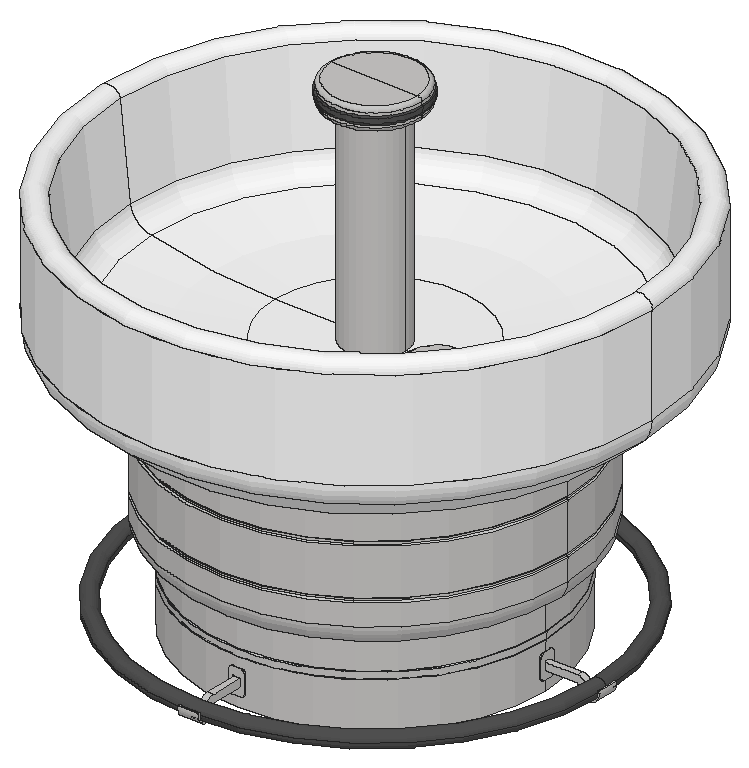
Revit family "Washfountain_Lavatory-Bradley_Corp-WF2605-Type_A_Drain", category Plumbing Fixtures, Revit 2012 (continued)
Automatic sketch dimensions
  curve 166 to curve 169 = 0.875"  (x2)
  curve 165 to curve 164 = 0.11186"
  curve 167 to curve 165 = 1.750"
  plane 1 "Center (Front/Back)" to curve 166 = 6.38814"
  curve 164 to curve 166 = 0.000"
  Masking region 29 sketch curve to plane 1 "Center (Front/Back)" = 0.000"
  Masking region 29 sketch curve to plane 3 "Center (Left/Right)" = 0.000"
  curve 170 to plane 1 "Center (Front/Back)" = 0.000"
  curve 170 to plane 3 "Center (Left/Right)" = 0.000"
  Masking region 30 sketch curve to plane 1 "Center (Front/Back)" = 0.000"
  Masking region 30 sketch curve to plane 3 "Center (Left/Right)" = 0.000"
  Masking region 31 sketch curve to plane 1 "Center (Front/Back)" = 0.000"
  Masking region 31 sketch curve to plane 3 "Center (Left/Right)" = 0.000"
  Masking region 32 sketch curve to curve 14 = 0.000"
  curve 14 to Masking region 32 sketch curve = 6.47131"
  Masking region 32 sketch curve to Masking region 32 sketch curve = 1.40286"  (x2)
  Masking region 32 sketch curve to Masking region 32 sketch curve = 22.25166"
  Masking region 32 sketch curve to curve 14 = 9.60015"
  curve 14 to Masking region 32 sketch curve = 9.60015"
  Masking region 32 sketch curve to Masking region 32 sketch curve = 5.39985"
  Revolve 17 sketch curve to curve 14 = 0.000"
  Revolve 17 sketch curve to Revolve 17 sketch curve = 0.000"
  curve 14 to Revolve 17 sketch curve = 7.87417"
  Revolve 17 sketch curve to Revolve 17 sketch curve = 1.40286"
  Revolve 17 sketch curve to curve 14 = 12.22916"
  Revolve 17 sketch curve to Revolve 17 sketch curve = 6.77084"
  Revolve 17 sketch curve to Revolve 17 sketch curve = 3.52552"
  Revolve 17 sketch curve to Revolve 17 sketch curve = 2.47448"
  Masking region 33 sketch curve to curve 14 = 0.000"
  curve 14 to Masking region 33 sketch curve = 6.47131"
  Masking region 33 sketch curve to Masking region 33 sketch curve = 1.40286"  (x2)
  Masking region 33 sketch curve to Masking region 33 sketch curve = 22.25166"
  Masking region 33 sketch curve to curve 14 = 12.22916"
  Masking region 33 sketch curve to Masking region 33 sketch curve = 6.77084"
  Extrusion 18 sketch curve to plane 1 "Center (Front/Back)" = 0.000"
  Extrusion 18 sketch curve to plane 3 "Center (Left/Right)" = 0.000"
  plane 3 "Center (Left/Right)" to Extrusion 18 sketch curve = 0.06458"
  plane 3 "Center (Left/Right)" to Extrusion 18 sketch curve = 5.500"
  Extrusion 18 sketch curve to Extrusion 18 sketch curve = 0.06458"  (x2)
  Extrusion 18 sketch curve to plane 3 "Center (Left/Right)" = 0.06458"
  Extrusion 18 sketch curve to plane 3 "Center (Left/Right)" = 5.500"
  Extrusion 18 sketch curve to plane 1 "Center (Front/Back)" = 3.13814"  (x2)
  Extrusion 18 sketch curve to Extrusion 18 sketch curve = 0.11186"
  plane 1 "Center (Front/Back)" to Extrusion 18 sketch curve = 6.38814"
  Extrusion 19 sketch curve to Extrusion 19 sketch curve = 0.000"  (x2)
  Extrusion 19 sketch curve to plane 1 "Center (Front/Back)" = 0.000"
  Extrusion 19 sketch curve to plane 3 "Center (Left/Right)" = 0.000"
  plane 3 "Center (Left/Right)" to Extrusion 19 sketch curve = 0.06458"
  Extrusion 19 sketch curve to Extrusion 19 sketch curve = 2.000"
  Extrusion 19 sketch curve to Extrusion 19 sketch curve = 3.500"  (x2)
  Extrusion 19 sketch curve to Extrusion 19 sketch curve = 0.06458"  (x2)
  Extrusion 19 sketch curve to plane 3 "Center (Left/Right)" = 0.06458"
  Extrusion 19 sketch curve to plane 1 "Center (Front/Back)" = 3.13814"  (x2)
  Extrusion 19 sketch curve to Extrusion 19 sketch curve = 0.11186"
  plane 1 "Center (Front/Back)" to Extrusion 19 sketch curve = 6.38814"
  Sweep 20 sketch curve to profile plane = 0.000"
  profile plane to Sweep 20 sketch curve = 1.425"
  Extrusion 21 sketch curve to Extrusion 21 sketch curve = 0.000"  (x5)
  level to Extrusion 21 sketch curve = 1.57982"
  plane 11 to Extrusion 21 sketch curve = 2.90732"
  Extrusion 21 sketch curve to Extrusion 21 sketch curve = 0.04831"
  Extrusion 21 sketch curve to Extrusion 21 sketch curve = 0.48307"
  Extrusion 21 sketch curve to Extrusion 21 sketch curve = 0.48846"
  Extrusion 21 sketch curve to Extrusion 21 sketch curve = 0.04885"
  Extrusion 21 sketch curve to Extrusion 21 sketch curve = 0.0129"
  Extrusion 22 sketch curve to Extrusion 22 sketch curve = 0.000"  (x3)
  level to Extrusion 22 sketch curve = 0.825"
  plane 11 to Extrusion 22 sketch curve = 3.487"
  Extrusion 22 sketch curve to Extrusion 22 sketch curve = 0.19771"
  Extrusion 22 sketch curve to Extrusion 22 sketch curve = 0.600"
  Extrusion 22 sketch curve to Extrusion 22 sketch curve = 0.45214"
  Extrusion 22 sketch curve to Extrusion 22 sketch curve = 0.14125"
  Extrusion 22 sketch curve to Extrusion 22 sketch curve = 2.19378"
  Extrusion 22 sketch curve to Extrusion 22 sketch curve = 0.34334"
  plane 1 "Center (Front/Back)" to Extrusion 23 sketch curve = 0.49684"
  plane 1 "Center (Front/Back)" to Extrusion 23 sketch curve = 0.24684"  (x2)
  plane 1 "Center (Front/Back)" to Extrusion 23 sketch curve = 0.2403"
  Extrusion 23 sketch curve to plane 1 "Center (Front/Back)" = 0.2403"
  Extrusion 23 sketch curve to plane 1 "Center (Front/Back)" = 0.25316"  (x2)
  Extrusion 23 sketch curve to Extrusion 23 sketch curve = 0.250"
  level to Extrusion 23 sketch curve = 0.71062"
  Extrusion 23 sketch curve to Extrusion 23 sketch curve = 0.2684"  (x2)
  Extrusion 23 sketch curve to Extrusion 23 sketch curve = 0.5882"
  Extrusion 24 sketch curve to Extrusion 24 sketch curve = 0.000"  (x5)
  level to Extrusion 24 sketch curve = 1.57982"
  Extrusion 24 sketch curve to plane 14 = 2.90732"
  Extrusion 24 sketch curve to Extrusion 24 sketch curve = 0.04831"
  Extrusion 24 sketch curve to Extrusion 24 sketch curve = 0.48307"
  Extrusion 24 sketch curve to Extrusion 24 sketch curve = 0.48846"
  Extrusion 24 sketch curve to Extrusion 24 sketch curve = 0.04885"
  Extrusion 24 sketch curve to Extrusion 24 sketch curve = 0.0129"
  Extrusion 25 sketch curve to Extrusion 25 sketch curve = 0.000"  (x3)
  level to Extrusion 25 sketch curve = 0.825"
  Extrusion 25 sketch curve to plane 14 = 3.487"
  Extrusion 25 sketch curve to Extrusion 25 sketch curve = 0.19771"
  Extrusion 25 sketch curve to Extrusion 25 sketch curve = 0.600"
  Extrusion 25 sketch curve to Extrusion 25 sketch curve = 0.45214"
  Extrusion 25 sketch curve to Extrusion 25 sketch curve = 0.14125"
  Extrusion 25 sketch curve to Extrusion 25 sketch curve = 2.19378"
  Extrusion 25 sketch curve to Extrusion 25 sketch curve = 0.34334"
  plane 3 "Center (Left/Right)" to Extrusion 26 sketch curve = 0.50316"
  plane 3 "Center (Left/Right)" to Extrusion 26 sketch curve = 0.25316"  (x2)
  plane 3 "Center (Left/Right)" to Extrusion 26 sketch curve = 0.2403"
  Extrusion 26 sketch curve to plane 3 "Center (Left/Right)" = 0.2403"
  Extrusion 26 sketch curve to plane 3 "Center (Left/Right)" = 0.24684"  (x2)
  Extrusion 26 sketch curve to Extrusion 26 sketch curve = 0.250"
  level to Extrusion 26 sketch curve = 0.71062"
  Extrusion 26 sketch curve to Extrusion 26 sketch curve = 0.2684"  (x2)
  Extrusion 26 sketch curve to Extrusion 26 sketch curve = 0.5882"
  Extrusion 27 sketch curve to Extrusion 27 sketch curve = 0.000"  (x5)
  level to Extrusion 27 sketch curve = 1.57982"
  Extrusion 27 sketch curve to plane 12 = 2.90732"
  Extrusion 27 sketch curve to Extrusion 27 sketch curve = 0.04831"
  Extrusion 27 sketch curve to Extrusion 27 sketch curve = 0.48307"
  Extrusion 27 sketch curve to Extrusion 27 sketch curve = 0.48846"
  Extrusion 27 sketch curve to Extrusion 27 sketch curve = 0.04885"
  Extrusion 27 sketch curve to Extrusion 27 sketch curve = 0.0129"
  Extrusion 28 sketch curve to Extrusion 28 sketch curve = 0.000"  (x3)
  level to Extrusion 28 sketch curve = 0.825"
  Extrusion 28 sketch curve to plane 12 = 3.487"
  Extrusion 28 sketch curve to Extrusion 28 sketch curve = 0.19771"
  Extrusion 28 sketch curve to Extrusion 28 sketch curve = 0.600"
  Extrusion 28 sketch curve to Extrusion 28 sketch curve = 0.45214"
  Extrusion 28 sketch curve to Extrusion 28 sketch curve = 0.14125"
  Extrusion 28 sketch curve to Extrusion 28 sketch curve = 2.19378"
  Extrusion 28 sketch curve to Extrusion 28 sketch curve = 0.34334"
  plane 1 "Center (Front/Back)" to Extrusion 29 sketch curve = 0.50316"
  plane 1 "Center (Front/Back)" to Extrusion 29 sketch curve = 0.25316"  (x2)
  plane 1 "Center (Front/Back)" to Extrusion 29 sketch curve = 0.2403"
  Extrusion 29 sketch curve to plane 1 "Center (Front/Back)" = 0.2403"
  Extrusion 29 sketch curve to plane 1 "Center (Front/Back)" = 0.24684"  (x2)
  Extrusion 29 sketch curve to Extrusion 29 sketch curve = 0.250"
  level to Extrusion 29 sketch curve = 0.71062"
  Extrusion 29 sketch curve to Extrusion 29 sketch curve = 0.2684"  (x2)
  Extrusion 29 sketch curve to Extrusion 29 sketch curve = 0.5882"
  Extrusion 30 sketch curve to Extrusion 30 sketch curve = 0.000"  (x5)
  level to Extrusion 30 sketch curve = 1.57982"
  plane 13 to Extrusion 30 sketch curve = 2.90732"
  Extrusion 30 sketch curve to Extrusion 30 sketch curve = 0.04831"
  Extrusion 30 sketch curve to Extrusion 30 sketch curve = 0.48307"
  Extrusion 30 sketch curve to Extrusion 30 sketch curve = 0.48846"
  Extrusion 30 sketch curve to Extrusion 30 sketch curve = 0.04885"
  Extrusion 30 sketch curve to Extrusion 30 sketch curve = 0.0129"
  Extrusion 31 sketch curve to Extrusion 31 sketch curve = 0.000"  (x3)
  level to Extrusion 31 sketch curve = 0.825"
  plane 13 to Extrusion 31 sketch curve = 3.487"
  Extrusion 31 sketch curve to Extrusion 31 sketch curve = 0.19771"
  Extrusion 31 sketch curve to Extrusion 31 sketch curve = 0.600"
  Extrusion 31 sketch curve to Extrusion 31 sketch curve = 0.45214"
  Extrusion 31 sketch curve to Extrusion 31 sketch curve = 0.14125"
  Extrusion 31 sketch curve to Extrusion 31 sketch curve = 2.19378"
  Extrusion 31 sketch curve to Extrusion 31 sketch curve = 0.34334"
  Extrusion 32 sketch curve to plane 3 "Center (Left/Right)" = 0.50316"
  Extrusion 32 sketch curve to plane 3 "Center (Left/Right)" = 0.25316"  (x2)
  Extrusion 32 sketch curve to plane 3 "Center (Left/Right)" = 0.2403"
  plane 3 "Center (Left/Right)" to Extrusion 32 sketch curve = 0.2403"
  plane 3 "Center (Left/Right)" to Extrusion 32 sketch curve = 0.24684"  (x2)
  Extrusion 32 sketch curve to Extrusion 32 sketch curve = 0.250"
  level to Extrusion 32 sketch curve = 0.71062"
  Extrusion 32 sketch curve to Extrusion 32 sketch curve = 0.2684"  (x2)
  Extrusion 32 sketch curve to Extrusion 32 sketch curve = 0.5882"
  Masking region 34 sketch curve to Masking region 34 sketch curve = 0.000"  (x8)
  level to Masking region 34 sketch curve = 1.57982"
  plane 11 to Masking region 34 sketch curve = 2.90732"
  Masking region 34 sketch curve to Masking region 34 sketch curve = 0.04831"  (x2)
  Masking region 34 sketch curve to Masking region 34 sketch curve = 0.48307"  (x2)
  Masking region 34 sketch curve to Masking region 34 sketch curve = 0.19771"  (x2)
  Masking region 34 sketch curve to Masking region 34 sketch curve = 0.69778"
  Masking region 34 sketch curve to plane 3 "Center (Left/Right)" = 0.67078"
  Masking region 34 sketch curve to plane 3 "Center (Left/Right)" = 0.50316"
  Masking region 34 sketch curve to Masking region 34 sketch curve = 0.2076"  (x2)
  Masking region 34 sketch curve to plane 3 "Center (Left/Right)" = 0.25316"
  Masking region 34 sketch curve to Masking region 34 sketch curve = 0.21002"  (x2)
  plane 3 "Center (Left/Right)" to Masking region 34 sketch curve = 0.25316"  (x2)
  Masking region 34 sketch curve to Masking region 34 sketch curve = 0.250"
  level to Masking region 34 sketch curve = 0.925"
  Masking region 34 sketch curve to plane 12 = 4.18478"
  Masking region 34 sketch curve to Masking region 34 sketch curve = 0.50007"
  level to Masking region 34 sketch curve = 0.825"  (x2)
  Masking region 34 sketch curve to Masking region 34 sketch curve = 0.100"  (x3)
  Masking region 34 sketch curve to Masking region 34 sketch curve = 0.11438"
  Masking region 34 sketch curve to Masking region 34 sketch curve = 0.5049"
  Masking region 34 sketch curve to Masking region 34 sketch curve = 0.16062"
  plane 1 "Center (Front/Back)" to Extrusion 33 sketch curve = 0.50316"
  plane 1 "Center (Front/Back)" to Extrusion 33 sketch curve = 0.25316"  (x2)
  plane 1 "Center (Front/Back)" to Extrusion 33 sketch curve = 0.2403"
  Extrusion 33 sketch curve to plane 1 "Center (Front/Back)" = 0.2403"
  Extrusion 33 sketch curve to plane 1 "Center (Front/Back)" = 0.24684"  (x2)
  Extrusion 33 sketch curve to Extrusion 33 sketch curve = 0.250"
  level to Extrusion 33 sketch curve = 0.71062"
  Extrusion 33 sketch curve to Extrusion 33 sketch curve = 0.2684"  (x2)
  Extrusion 33 sketch curve to Extrusion 33 sketch curve = 0.5882"
  level to Masking region 35 sketch curve = 1.925"
  plane 11 to Masking region 35 sketch curve = 3.487"
  Masking region 35 sketch curve to plane 12 = 3.487"
  Masking region 35 sketch curve to Masking region 35 sketch curve = 0.500"
  Masking region 36 sketch curve to Masking region 36 sketch curve = 0.000"  (x8)
  level to Masking region 36 sketch curve = 1.57982"
  plane 13 to Masking region 36 sketch curve = 2.90732"
  Masking region 36 sketch curve to Masking region 36 sketch curve = 0.04831"  (x2)
  Masking region 36 sketch curve to Masking region 36 sketch curve = 0.48307"  (x2)
  Masking region 36 sketch curve to Masking region 36 sketch curve = 0.19771"  (x2)
  Masking region 36 sketch curve to Masking region 36 sketch curve = 0.69778"
  plane 1 "Center (Front/Back)" to Masking region 36 sketch curve = 0.67078"
  plane 1 "Center (Front/Back)" to Masking region 36 sketch curve = 0.50316"
  Masking region 36 sketch curve to Masking region 36 sketch curve = 0.2076"  (x2)
  Masking region 36 sketch curve to Masking region 36 sketch curve = 0.21002"  (x2)
  Masking region 36 sketch curve to Masking region 36 sketch curve = 0.250"  (x2)
  Masking region 36 sketch curve to plane 1 "Center (Front/Back)" = 0.25316"  (x2)
  level to Masking region 36 sketch curve = 0.925"  (x2)
  Masking region 36 sketch curve to plane 14 = 4.18478"
  Masking region 36 sketch curve to Masking region 36 sketch curve = 0.50007"
  Masking region 36 sketch curve to Masking region 36 sketch curve = 0.100"  (x4)
  Masking region 36 sketch curve to Masking region 36 sketch curve = 0.11438"
  Masking region 36 sketch curve to Masking region 36 sketch curve = 0.5049"
  Masking region 36 sketch curve to Masking region 36 sketch curve = 0.16062"
  plane 13 to Masking region 37 sketch curve = 3.487"
  level to Masking region 37 sketch curve = 1.925"
  Masking region 37 sketch curve to plane 14 = 3.487"
  Masking region 37 sketch curve to Masking region 37 sketch curve = 0.500"
  curve 52 to curve 45 = 0.000"
  curve 48 to curve 45 = 0.000"
  curve 49 to curve 52 = 0.000"
  curve 49 to curve 50 = 0.08719"  (x2)
  curve 48 to curve 55 = 0.08719"
  curve 51 to curve 50 = 0.000"
  curve 47 to curve 55 = 0.000"
  curve 46 to curve 55 = 0.000"
  curve 54 to curve 50 = 0.000"  (x2)
  curve 53 to curve 51 = 1.31567"
  curve 50 to curve 51 = 0.000"
  curve 46 to curve 50 = 0.000"
  curve 47 to curve 46 = 0.000"
  curve 55 to curve 47 = 0.000"
  curve 50 to curve 49 = 0.08719"
  curve 46 to curve 45 = 0.08719"
  curve 47 to curve 48 = 0.08719"  (x2)
  curve 51 to curve 52 = 0.08719"  (x2)
  curve 45 to curve 46 = 0.08719"
  curve 46 to curve 55 = 0.06165"
  curve 55 to curve 47 = 0.06165"
  curve 48 to curve 49 = 3.00695"
  curve 50 to curve 54 = 0.06165"
  curve 54 to curve 51 = 0.06165"
  curve 52 to curve 53 = 2.79334"
  curve 14 to Revolve 1 sketch curve = 0.00013"
  Revolve 1 sketch curve to Revolve 1 sketch curve = 0.000"  (x2)
  curve 14 to Revolve 1 sketch curve = 7.87417"
  Revolve 1 sketch curve to Revolve 1 sketch curve = 0.03572"
  Revolve 1 sketch curve to Revolve 1 sketch curve = 1.31567"  (x2)
  Revolve 1 sketch curve to Revolve 1 sketch curve = 0.08719"  (x6)
  Revolve 1 sketch curve to Revolve 1 sketch curve = 1.40286"
  curve 14 to Revolve 1 sketch curve = 3.20448"
  Revolve 1 sketch curve to Revolve 1 sketch curve = 0.12331"  (x2)
  Revolve 1 sketch curve to Revolve 1 sketch curve = 3.00695"
  Revolve 1 sketch curve to Revolve 1 sketch curve = 1.39048"
  Revolve 1 sketch curve to Revolve 1 sketch curve = 1.94685"
  Revolve 1 sketch curve to Revolve 1 sketch curve = 0.04651"
  Revolve 1 sketch curve to Revolve 1 sketch curve = 0.40685"
  Revolve 1 sketch curve to Revolve 1 sketch curve = 0.04664"
  Revolve 1 sketch curve to Revolve 1 sketch curve = 2.953"
  Revolve 1 sketch curve to Revolve 1 sketch curve = 3.047"
  Revolve 1 sketch curve to curve 14 = 7.453"
  curve 11 to curve 12 = 1.40286"
  curve 12 to curve 13 = 0.000"
  Extrusion 7 sketch curve to plane 4 "Towel Dispenser" = 0.000"
  Extrusion 7 sketch curve to Extrusion 7 sketch curve = 2.250"
  Extrusion 7 sketch curve to Extrusion 7 sketch curve = 1.750"
  Extrusion 8 sketch curve to plane 4 "Towel Dispenser" = 0.000"
  Extrusion 8 sketch curve to Extrusion 8 sketch curve = 2.250"
  Extrusion 8 sketch curve to Extrusion 8 sketch curve = 1.750"
  Extrusion 9 sketch curve to plane 4 "Towel Dispenser" = 0.000"
  Extrusion 9 sketch curve to Extrusion 9 sketch curve = 2.250"
  Extrusion 9 sketch curve to Extrusion 9 sketch curve = 1.750"
  Masking region 13 sketch curve to curve 68 = 0.00086"
  Masking region 13 sketch curve to curve 68 = 6.20573"
  Masking region 13 sketch curve to curve 68 = 5.80997"
  curve 68 to Masking region 13 sketch curve = 0.80997"
  curve 68 to Masking region 13 sketch curve = 1.20573"
  curve 68 to Masking region 14 sketch curve = 0.37529"  (x2)
  Masking region 14 sketch curve to curve 68 = 6.13969"
  Masking region 14 sketch curve to Masking region 14 sketch curve = 0.12563"  (x2)
  Masking region 14 sketch curve to Masking region 14 sketch curve = 0.03107"  (x2)
  Masking region 14 sketch curve to Masking region 14 sketch curve = 0.05262"  (x4)
  Masking region 14 sketch curve to Masking region 14 sketch curve = 0.06777"  (x2)
  Masking region 14 sketch curve to curve 68 = 0.00086"
  Masking region 14 sketch curve to Masking region 14 sketch curve = 1.99988"
  Masking region 14 sketch curve to Masking region 14 sketch curve = 2.04174"
  Masking region 14 sketch curve to curve 68 = 1.23176"
  Masking region 14 sketch curve to curve 68 = 0.86019"
  curve 68 to Masking region 14 sketch curve = 0.80997"
  Masking region 14 sketch curve to Masking region 14 sketch curve = 0.60765"  (x2)
  Masking region 14 sketch curve to Masking region 14 sketch curve = 1.250"  (x3)
  Masking region 14 sketch curve to curve 68 = 4.14235"
  Masking region 14 sketch curve to curve 68 = 2.89235"
  Masking region 14 sketch curve to curve 68 = 1.64235"
  Masking region 14 sketch curve to Masking region 14 sketch curve = 0.62518"  (x2)
  Masking region 15 sketch curve to plane 7 "Rim Height" = 0.000"
  Masking region 15 sketch curve to plane 6 "Spray Head" = 0.44548"  (x2)
  Masking region 15 sketch curve to plane 3 "Center (Left/Right)" = 3.12875"
  Masking region 15 sketch curve to Masking region 15 sketch curve = 0.34375"  (x3)
  Masking region 15 sketch curve to plane 6 "Spray Head" = 0.00048"  (x2)
  Masking region 15 sketch curve to Masking region 15 sketch curve = 0.785"  (x3)
  plane 3 "Center (Left/Right)" to Masking region 15 sketch curve = 2.000"
  Masking region 15 sketch curve to plane 6 "Spray Head" = 1.39048"
  Masking region 15 sketch curve to Masking region 15 sketch curve = 0.945"
  Masking region 15 sketch curve to Masking region 15 sketch curve = 0.445"
  Masking region 15 sketch curve to Masking region 15 sketch curve = 0.500"
  curve 83 to Masking region 16 sketch curve = 0.94548"
  Masking region 16 sketch curve to curve 83 = 3.12875"
  Masking region 16 sketch curve to Masking region 16 sketch curve = 0.34375"  (x3)
  curve 83 to Masking region 16 sketch curve = 0.00048"
  Masking region 16 sketch curve to Masking region 16 sketch curve = 0.785"  (x2)
  curve 83 to Masking region 16 sketch curve = 2.000"
  Masking region 16 sketch curve to curve 83 = 1.215"
  Masking region 16 sketch curve to curve 83 = 0.94548"
  Masking region 16 sketch curve to Masking region 16 sketch curve = 0.445"  (x2)
  Masking region 16 sketch curve to curve 83 = 6.375"
  curve 83 to Masking region 16 sketch curve = 0.44548"  (x2)
  curve 83 to Masking region 17 sketch curve = 0.85173"
  Masking region 17 sketch curve to curve 83 = 3.12875"
  curve 83 to Masking region 17 sketch curve = 0.25048"
  Masking region 17 sketch curve to Masking region 17 sketch curve = 0.09375"  (x3)
  curve 83 to Masking region 17 sketch curve = 0.00048"
  Masking region 17 sketch curve to Masking region 17 sketch curve = 0.250"  (x3)
  Masking region 17 sketch curve to Masking region 17 sketch curve = 0.785"  (x2)
  curve 83 to Masking region 17 sketch curve = 2.000"
  Masking region 17 sketch curve to Masking region 17 sketch curve = 0.000"
  Masking region 17 sketch curve to Masking region 17 sketch curve = 0.695"
  Masking region 17 sketch curve to Masking region 17 sketch curve = 0.195"  (x2)
  Masking region 17 sketch curve to curve 83 = 6.375"
  Masking region 17 sketch curve to Masking region 17 sketch curve = 0.28875"  (x2)
  curve 83 to curve 89 = 0.94548"
  curve 89 to curve 83 = 3.12875"
  curve 84 to curve 89 = 0.000"
  curve 89 to curve 88 = 0.09375"
  curve 84 to curve 85 = 0.09375"
  curve 88 to curve 90 = 1.035"
  curve 83 to curve 90 = 2.000"
  curve 87 to curve 83 = 0.965"
  curve 85 to curve 87 = 0.000"
  curve 85 to curve 86 = 0.09375"
  curve 87 to curve 87 = 0.09375"
  curve 90 to curve 87 = 0.445"
  curve 83 to curve 86 = 0.44548"
  curve 110 to Extrusion 9 = 0.000"  (x3)
  Extrusion 9 to curve 111 = 2.60156"
  curve 111 to curve 111 = 1.000"
  Extrusion 9 to curve 111 = 1.95703"
  curve 112 to Extrusion 7 = 0.000"  (x3)
  Extrusion 7 to curve 113 = 2.60156"
  curve 113 to curve 113 = 1.000"
  Extrusion 7 to curve 113 = 1.95703"
  curve 114 to Extrusion 8 = 0.000"  (x3)
  Extrusion 8 to curve 115 = 2.60156"
  curve 115 to curve 115 = 1.000"
  Extrusion 8 to curve 115 = 1.95703"
  Split face 1 sketch curve to Extrusion 8 = 0.56844"
  Split face 1 sketch curve to Split face 1 sketch curve = 0.750"
  Split face 1 sketch curve to Extrusion 8 = 1.500"  (x2)
  Split face 2 sketch curve to Extrusion 9 = 0.56844"
  Split face 2 sketch curve to Split face 2 sketch curve = 0.750"
  Split face 2 sketch curve to Extrusion 9 = 1.500"  (x2)
  Split face 3 sketch curve to Extrusion 7 = 0.56844"
  Split face 3 sketch curve to Split face 3 sketch curve = 0.750"
  Split face 3 sketch curve to Extrusion 7 = 1.500"  (x2)
  Revolve 14 sketch curve to curve 157 = 0.000"
  Revolve 14 sketch curve to curve 157 = 0.500"
  Revolve 14 sketch curve to curve 157 = 0.60282"
  Revolve 14 sketch curve to Revolve 14 sketch curve = 1.64632"
  Revolve 14 sketch curve to Revolve 14 sketch curve = 0.17678"
  Revolve 14 sketch curve to Revolve 14 sketch curve = 0.000"  (x4)
  Revolve 14 sketch curve to Revolve 14 sketch curve = 0.60355"
  Revolve 14 sketch curve to Revolve 14 sketch curve = 0.176"
  curve 157 to Revolve 14 sketch curve = 0.34072"
  Revolve 14 sketch curve to Revolve 14 sketch curve = 0.1905"
  Revolve 14 sketch curve to Revolve 14 sketch curve = 0.01575"
  Revolve 14 sketch curve to Revolve 14 sketch curve = 0.074"
  Revolve 14 sketch curve to Revolve 14 sketch curve = 0.0755"
  Revolve 14 sketch curve to curve 157 = 1.28252"
  Revolve 14 sketch curve to Revolve 14 sketch curve = 1.13852"
  Revolve 14 sketch curve to curve 157 = 39.99275"
  Revolve 14 sketch curve to Revolve 14 sketch curve = 0.07322"
  Revolve 14 sketch curve to Revolve 14 sketch curve = 0.60277"
  Revolve 14 sketch curve to Revolve 14 sketch curve = 0.22469"
  Revolve 14 sketch curve to Revolve 14 sketch curve = 1.36148"
  Masking region 21 sketch curve to curve 157 = 0.000"
  curve 157 to Masking region 21 sketch curve = 0.56541"
  Masking region 21 sketch curve to curve 157 = 3.07537"
  Masking region 21 sketch curve to Masking region 21 sketch curve = 0.0755"
  Masking region 21 sketch curve to Masking region 21 sketch curve = 0.11925"
  Masking region 21 sketch curve to Masking region 21 sketch curve = 0.000"  (x7)
  Masking region 21 sketch curve to Masking region 21 sketch curve = 0.01575"  (x2)
  Masking region 21 sketch curve to Masking region 21 sketch curve = 0.074"
  Masking region 21 sketch curve to Masking region 21 sketch curve = 0.250"
  Masking region 21 sketch curve to Masking region 21 sketch curve = 0.60277"  (x3)
  Masking region 21 sketch curve to Masking region 21 sketch curve = 0.17678"  (x2)
  Masking region 21 sketch curve to curve 157 = 0.60282"
  Masking region 21 sketch curve to curve 157 = 0.500"
  curve 157 to Masking region 21 sketch curve = 1.28252"
  Masking region 21 sketch curve to Masking region 21 sketch curve = 0.43497"
  curve 157 to Masking region 21 sketch curve = 0.500"
  curve 157 to Masking region 21 sketch curve = 0.60282"
  Masking region 21 sketch curve to Masking region 21 sketch curve = 1.64632"
  Masking region 21 sketch curve to Masking region 21 sketch curve = 0.60355"
  Masking region 21 sketch curve to Masking region 21 sketch curve = 0.176"
  curve 157 to Masking region 21 sketch curve = 0.34072"
  Masking region 21 sketch curve to Masking region 21 sketch curve = 0.1905"
  Masking region 21 sketch curve to Masking region 21 sketch curve = 0.0595"
  Masking region 21 sketch curve to Masking region 21 sketch curve = 0.135"
  Masking region 21 sketch curve to curve 157 = 39.99275"
  Masking region 21 sketch curve to Masking region 21 sketch curve = 0.07322"  (x2)
  Masking region 21 sketch curve to Masking region 21 sketch curve = 0.22469"
  Masking region 21 sketch curve to Masking region 21 sketch curve = 0.13441"
  Revolve 15 sketch curve to curve 157 = 0.000"
  Revolve 15 sketch curve to curve 157 = 0.500"
  Revolve 15 sketch curve to Revolve 15 sketch curve = 1.74987"
  Revolve 15 sketch curve to Revolve 15 sketch curve = 0.8255"  (x2)
  Revolve 15 sketch curve to Revolve 15 sketch curve = 0.000"
  Revolve 15 sketch curve to Revolve 15 sketch curve = 1.22135"
  curve 157 to Revolve 15 sketch curve = 1.52865"
  Masking region 22 sketch curve to curve 157 = 0.000"
  Masking region 22 sketch curve to curve 157 = 3.07537"
  Masking region 22 sketch curve to Masking region 22 sketch curve = 0.8255"  (x4)
  Masking region 22 sketch curve to curve 157 = 0.500"
  curve 157 to Masking region 22 sketch curve = 0.500"
  Masking region 22 sketch curve to Masking region 22 sketch curve = 1.74987"
  curve 157 to Masking region 25 sketch curve = 3.500"
  Masking region 25 sketch curve to curve 157 = 0.500"
  curve 157 to Masking region 25 sketch curve = 0.500"
  Masking region 26 sketch curve to curve 68 = 2.000"
  curve 68 to Masking region 26 sketch curve = 2.000"
  Masking region 26 sketch curve to curve 68 = 8.500"
  curve 161 to curve 157 = 3.07537"
  curve 157 to curve 160 = 0.56541"
  curve 161 to curve 160 = 0.0755"
  curve 162 to curve 157 = 0.500"
  curve 157 to curve 162 = 0.500"
  curve 157 to curve 160 = 2.99987"
  curve 160 to curve 161 = 0.0755"
  curve 161 to curve 160 = 1.44948"
  curve 162 to curve 157 = 2.84038"
  Masking region 12 sketch curve to curve 14 = 0.000"
  curve 14 to Masking region 12 sketch curve = 3.20436"
  curve 14 to Masking region 12 sketch curve = 6.47131"
  Masking region 12 sketch curve to Masking region 12 sketch curve = 0.000"  (x3)
  Masking region 12 sketch curve to Masking region 12 sketch curve = 0.08719"  (x12)
  Masking region 12 sketch curve to Masking region 12 sketch curve = 1.36714"
  Masking region 12 sketch curve to Masking region 12 sketch curve = 0.03572"  (x3)
  Masking region 12 sketch curve to Masking region 12 sketch curve = 22.25166"
  curve 14 to Masking region 12 sketch curve = 11.547"
  curve 14 to Masking region 12 sketch curve = 12.00036"
  curve 14 to Masking region 12 sketch curve = 11.59351"
  Masking region 12 sketch curve to Masking region 12 sketch curve = 1.31567"  (x2)
  curve 14 to Masking region 12 sketch curve = 6.71949"
  curve 14 to Masking region 12 sketch curve = 6.80668"
  Masking region 12 sketch curve to curve 14 = 12.00036"
  Masking region 12 sketch curve to Masking region 12 sketch curve = 0.04664"  (x2)
  Masking region 12 sketch curve to Masking region 12 sketch curve = 2.953"
  Masking region 12 sketch curve to Masking region 12 sketch curve = 0.40685"
  Masking region 12 sketch curve to Masking region 12 sketch curve = 0.04347"
  Masking region 12 sketch curve to Masking region 12 sketch curve = 0.00305"
  Masking region 12 sketch curve to Masking region 12 sketch curve = 1.94697"  (x2)
  Masking region 12 sketch curve to Masking region 12 sketch curve = 1.39048"
  Masking region 12 sketch curve to Masking region 12 sketch curve = 0.12331"  (x3)
  Masking region 12 sketch curve to Masking region 12 sketch curve = 0.29769"
  Masking region 12 sketch curve to Masking region 12 sketch curve = 3.00695"
  plane 3 "Center (Left/Right)" to curve 13 = 0.48842"
  Masking region 7 sketch curve to Masking region 7 sketch curve = 0.000"  (x3)
  Masking region 7 sketch curve to Masking region 7 sketch curve = 0.08719"  (x13)
  Masking region 7 sketch curve to Masking region 7 sketch curve = 1.36714"
  Masking region 7 sketch curve to Masking region 7 sketch curve = 0.0357"
  Masking region 7 sketch curve to Masking region 7 sketch curve = 0.03572"  (x2)
  Masking region 7 sketch curve to Masking region 7 sketch curve = 0.00003"
  Masking region 7 sketch curve to Masking region 7 sketch curve = 1.31567"
  Masking region 7 sketch curve to Masking region 7 sketch curve = 3.40748"  (x2)
  Masking region 7 sketch curve to Masking region 7 sketch curve = 0.12331"  (x4)
  Masking region 7 sketch curve to Masking region 7 sketch curve = 3.00695"  (x2)
  Masking region 7 sketch curve to Masking region 7 sketch curve = 1.39048"  (x2)
  Masking region 7 sketch curve to Masking region 7 sketch curve = 1.94672"  (x2)
  Masking region 7 sketch curve to Masking region 7 sketch curve = 0.04651"  (x4)
  Masking region 7 sketch curve to Masking region 7 sketch curve = 0.40697"  (x2)
  Masking region 7 sketch curve to Masking region 7 sketch curve = 2.75012"
  curve 207 to curve 208 = 0.000"
  curve 210 to curve 208 = 0.000"
  curve 207 to curve 206 = 0.03572"
  curve 208 to curve 209 = 0.03572"
  curve 209 to curve 210 = 0.0357"
  curve 206 to curve 207 = 0.03572"
  curve 209 to curve 208 = 0.0357"
  curve 206 to curve 207 = 0.04651"
  curve 207 to curve 210 = 0.20349"
  curve 210 to curve 208 = 0.20349"
  curve 208 to curve 209 = 0.04651"
  curve 52 to curve 208 = 1.36714"
  curve 53 to curve 206 = 0.000"
  curve 206 to curve 53 = 0.000"
  curve 209 to curve 207 = 0.0357"
  curve 53 to curve 206 = 1.7442"
  Masking region 18 sketch curve to curve 95 = 0.000"  (x2)
  curve 95 to Masking region 18 sketch curve = 9.97132"
  Masking region 18 sketch curve to Masking region 18 sketch curve = 1.94856"
  Masking region 18 sketch curve to Masking region 18 sketch curve = 3.4641"  (x2)
  Masking region 18 sketch curve to Masking region 18 sketch curve = 5.08013"  (x2)
  Masking region 18 sketch curve to Masking region 18 sketch curve = 4.000"  (x2)
  Masking region 18 sketch curve to Masking region 18 sketch curve = 3.56458"  (x2)
  curve 95 to Masking region 18 sketch curve = 13.875"
  curve 108 to curve 128 = 0.000"
  curve 116 to curve 128 = 1.375"
  curve 128 to curve 116 = 11.97132"
  curve 128 to curve 98 = 11.97132"
  curve 104 to curve 118 = 0.97852"
  curve 104 to curve 120 = 1.17006"
  curve 123 to curve 123 = 0.55422"
  curve 122 to curve 128 = 0.29641"
  curve 123 to curve 122 = 0.55422"
  curve 123 to curve 123 = 0.10867"
  curve 98 to curve 116 = 2.750"
  curve 121 to curve 116 = 0.43861"
  curve 121 to curve 120 = 0.10867"
  curve 120 to curve 121 = 0.55422"
  curve 121 to curve 122 = 0.55422"
  curve 122 to curve 108 = 0.75018"
  curve 98 to curve 109 = 1.52868"
  curve 108 to curve 106 = 0.41987"
  curve 106 to curve 96 = 1.51554"
  curve 96 to curve 97 = 0.12917"
  curve 97 to curve 107 = 1.51554"
  curve 97 to curve 109 = 1.93542"
  curve 107 to curve 108 = 0.41987"
  curve 127 to curve 128 = 0.33667"
  curve 108 to curve 127 = 0.64152"
  curve 127 to curve 126 = 0.10867"
  curve 126 to curve 127 = 0.55422"
  curve 127 to curve 102 = 0.22428"
  curve 102 to curve 124 = 0.32994"
  curve 117 to curve 119 = 0.97852"
  curve 100 to curve 117 = 2.750"
  curve 117 to curve 126 = 0.4715"
  curve 126 to curve 125 = 0.55422"
  curve 125 to curve 124 = 0.55422"
  curve 125 to curve 125 = 0.10867"
  curve 117 to curve 101 = 2.750"
  curve 126 to curve 127 = 0.04026"
  curve 123 to curve 123 = 0.04026"
  curve 127 to curve 117 = 0.29641"
  curve 104 to curve 118 = 2.60156"
  curve 117 to curve 119 = 2.60156"
  curve 118 to curve 118 = 1.000"
  curve 119 to curve 119 = 1.000"
  curve 118 to curve 116 = 8.14844"
  curve 119 to curve 117 = 8.14844"
  curve 116 to curve 98 = 1.50033"
  curve 117 to curve 102 = 1.50033"
  curve 98 to curve 99 = 0.6875"
  Masking region 19 sketch curve to curve 140 = 0.000"  (x2)
  Masking region 19 sketch curve to curve 140 = 7.250"
  Masking region 19 sketch curve to Masking region 19 sketch curve = 2.250"
  Masking region 19 sketch curve to curve 140 = 3.250"
  Masking region 19 sketch curve to curve 140 = 2.000"
  curve 140 to Masking region 19 sketch curve = 2.000"  (x2)
  curve 140 to Masking region 19 sketch curve = 2.88814"
  curve 140 to Masking region 19 sketch curve = 3.76314"
  Masking region 19 sketch curve to curve 140 = 1.375"  (x2)
  Masking region 19 sketch curve to Masking region 19 sketch curve = 1.125"
  Masking region 19 sketch curve to curve 140 = 13.875"
  curve 140 to Masking region 19 sketch curve = 14.62533"
  Masking region 19 sketch curve to Masking region 19 sketch curve = 1.250"
  Masking region 19 sketch curve to Masking region 19 sketch curve = 1.000"
  curve 68 to curve 74 = 0.37529"
  curve 74 to curve 68 = 6.13969"
  curve 73 to curve 74 = 0.000"  (x2)
  curve 73 to curve 72 = 0.1567"
  curve 72 to curve 71 = 0.05262"
  curve 71 to curve 70 = 0.05262"
  curve 70 to curve 69 = 0.06777"
  curve 91 to curve 68 = 2.095"
  curve 68 to curve 91 = 2.095"
  curve 68 to curve 69 = 0.80997"
  curve 68 to curve 70 = 0.87775"
  curve 68 to curve 71 = 0.93037"
  curve 68 to curve 72 = 0.98298"
  curve 68 to curve 74 = 1.13969"
  curve 73 to curve 74 = 0.62518"
  curve 72 to curve 73 = 0.64189"
  curve 71 to curve 68 = 2.89235"
  curve 70 to curve 71 = 1.250"
  curve 69 to curve 70 = 1.250"
  Extrusion 34 sketch curve to plane 1 "Center (Front/Back)" = 0.000"
  plane 3 "Center (Left/Right)" to Extrusion 34 sketch curve = 4.000"
  Extrusion 35 sketch curve to Extrusion 35 sketch curve = 0.000"  (x6)
  Extrusion 35 sketch curve to plane 12 = 12.250"
  Extrusion 35 sketch curve to Extrusion 35 sketch curve = 0.87229"
  Extrusion 35 sketch curve to Extrusion 35 sketch curve = 0.25708"  (x6)
  Extrusion 35 sketch curve to Extrusion 35 sketch curve = 0.62063"  (x9)
  Extrusion 35 sketch curve to plane 1 "Center (Front/Back)" = 0.87771"
  Extrusion 35 sketch curve to Extrusion 35 sketch curve = 0.87771"
  curve 173 to curve 174 = 0.000"  (x2)
  curve 212 to curve 213 = 0.000"  (x2)
  curve 212 to curve 214 = 0.000"  (x2)
  curve 217 to plane 1 "Center (Front/Back)" = 0.000"
  curve 214 to plane 1 "Center (Front/Back)" = 0.000"
  curve 221 to plane 1 "Center (Front/Back)" = 0.000"
  curve 173 to plane 1 "Center (Front/Back)" = 0.000"
  curve 173 to plane 3 "Center (Left/Right)" = 0.000"
  curve 221 to curve 173 = 3.12229"
  curve 222 to curve 221 = 0.25708"
  curve 220 to curve 221 = 0.25708"
  curve 219 to curve 220 = 0.62063"
  curve 212 to curve 222 = 0.62063"
  curve 215 to curve 222 = 0.62063"
  curve 216 to curve 215 = 0.62063"
  curve 218 to curve 219 = 0.62063"
  curve 217 to curve 216 = 0.25708"
  curve 216 to plane 1 "Center (Front/Back)" = 0.62063"
  curve 222 to plane 1 "Center (Front/Back)" = 0.62063"
  curve 215 to curve 222 = 0.25708"
  plane 1 "Center (Front/Back)" to curve 218 = 0.62063"
  plane 1 "Center (Front/Back)" to curve 220 = 0.62063"
  curve 218 to curve 219 = 0.25708"
  plane 13 to curve 223 = 2.58778"
  curve 223 to curve 223 = 4.500"
  curve 91 to curve 68 = 6.000"
  Revolve 2 sketch curve to Revolve 2 sketch curve = 4.500"
  Revolve 2 sketch curve to Revolve 2 sketch curve = 2.000"
  Revolve 2 sketch curve to Revolve 2 sketch curve = 0.10901"
  Revolve 2 sketch curve to Revolve 2 sketch curve = 1.49178"
  Revolve 2 sketch curve to curve 1 = 0.59415"
  Revolve 2 sketch curve to Revolve 2 sketch curve = 0.64709"
  Revolve 2 sketch curve to Revolve 2 sketch curve = 0.562"
  Revolve 2 sketch curve to Revolve 2 sketch curve = 0.51639"
  Revolve 2 sketch curve to Revolve 2 sketch curve = 0.73361"
  Revolve 2 sketch curve to Revolve 2 sketch curve = 1.41421"
  Revolve 2 sketch curve to Revolve 2 sketch curve = 0.000"  (x2)
  Revolve 2 sketch curve to Revolve 2 sketch curve = 0.15679"
  Revolve 2 sketch curve to Revolve 2 sketch curve = 6.42149"
  Revolve 2 sketch curve to Revolve 2 sketch curve = 1.06235"
  Revolve 2 sketch curve to Revolve 2 sketch curve = 1.562"
  Revolve 2 sketch curve to Revolve 2 sketch curve = 6.188"
  Revolve 2 sketch curve to curve 1 = 8.69944"
  Revolve 2 sketch curve to Revolve 2 sketch curve = 0.9098"
  Revolve 2 sketch curve to Revolve 2 sketch curve = 0.58579"
  Revolve 10 sketch curve to curve 1 = 0.000"
  Revolve 10 sketch curve to Revolve 10 sketch curve = 2.000"
  Revolve 10 sketch curve to Revolve 10 sketch curve = 4.66201"
  Revolve 10 sketch curve to Revolve 10 sketch curve = 9.08188"
  Revolve 10 sketch curve to Revolve 10 sketch curve = 0.83495"
  Revolve 10 sketch curve to Revolve 10 sketch curve = 1.42116"
  Revolve 10 sketch curve to curve 1 = 2.07993"
  Revolve 10 sketch curve to Revolve 10 sketch curve = 1.05601"
  Revolve 10 sketch curve to Revolve 10 sketch curve = 1.562"
  Revolve 10 sketch curve to Revolve 10 sketch curve = 4.40579"
  Masking region 1 sketch curve to curve 1 = 0.000"
  Masking region 8 sketch curve to curve 61 = 0.000"
  curve 177 to curve 205 = 0.000"  (x2)
  curve 197 to curve 199 = 0.000"  (x2)
  level to curve 177 = 1.55401"
  plane 11 to curve 177 = 3.00393"
  curve 177 to curve 177 = 0.48307"
  curve 178 to curve 205 = 0.33166"
  curve 205 to curve 178 = 0.36611"
  curve 178 to curve 202 = 2.65367"
  curve 204 to curve 202 = 0.000"
  curve 201 to curve 204 = 0.000"
  curve 201 to curve 200 = 0.03572"
  curve 202 to curve 203 = 0.03572"
  curve 181 to plane 3 "Center (Left/Right)" = 0.67078"
  curve 181 to curve 179 = 0.16762"
  curve 181 to curve 180 = 0.2076"
  plane 3 "Center (Left/Right)" to curve 180 = 0.46318"
  plane 3 "Center (Left/Right)" to curve 179 = 0.50316"
  curve 179 to curve 183 = 0.16762"
  level to curve 200 = 3.453"
  curve 200 to plane 12 = 6.87417"
  curve 203 to curve 200 = 0.000"
  curve 200 to curve 204 = 0.03572"
  curve 203 to curve 202 = 0.03572"
  curve 200 to curve 201 = 0.03572"
  level to curve 198 = 0.925"
  curve 202 to curve 198 = 2.65367"
  curve 198 to curve 199 = 0.36611"
  curve 199 to curve 199 = 0.33166"
  curve 197 to curve 197 = 0.48307"
  level to curve 180 = 0.825"
  level to curve 205 = 0.825"
  curve 199 to curve 197 = 0.100"
  curve 180 to curve 181 = 0.100"
  curve 180 to curve 183 = 0.100"
  curve 181 to curve 182 = 0.69191"
  curve 182 to curve 179 = 0.30809"
  curve 203 to curve 200 = 0.500"
  curve 203 to curve 202 = 0.04664"
  curve 202 to curve 204 = 0.20342"
  curve 201 to curve 200 = 0.04651"
  Extrusion 37 sketch curve to plane 3 "Center (Left/Right)" = 1.000"
  plane 3 "Center (Left/Right)" to Extrusion 37 sketch curve = 1.000"
  Extrusion 37 sketch curve to plane 1 "Center (Front/Back)" = 4.500"
  Extrusion 37 sketch curve to Extrusion 37 sketch curve = 1.000"
  Masking region 1 sketch curve to curve 1 = 42.13744"
  Masking region 1 sketch curve to curve 1 = 6.13744"
  Masking region 8 sketch curve to curve 61 = 18.000"
  curve 61 to Masking region 8 sketch curve = 13.000"
  Revolve 38 sketch curve to Revolve 38 sketch curve = 0.000"
  Revolve 38 sketch curve to Revolve 38 sketch curve = 6.13971"
  Revolve 38 sketch curve to Revolve 38 sketch curve = 0.06598"
  Revolve 38 sketch curve to Revolve 38 sketch curve = 1.80338"
  Revolve 38 sketch curve to curve 2 = 1.69615"
  Masking region 2 sketch curve to curve 1 = 0.000"
  Masking region 2 sketch curve to curve 1 = 7.17157"
  Masking region 2 sketch curve to curve 1 = 42.13744"
  Masking region 2 sketch curve to Masking region 2 sketch curve = 0.000"  (x4)
  Masking region 2 sketch curve to Masking region 2 sketch curve = 0.58579"  (x2)
  Masking region 2 sketch curve to Masking region 2 sketch curve = 0.750"  (x2)
  Masking region 2 sketch curve to Masking region 2 sketch curve = 1.41421"  (x2)
  Masking region 2 sketch curve to Masking region 2 sketch curve = 1.97621"
  Masking region 2 sketch curve to curve 1 = 8.69944"
  Masking region 2 sketch curve to Masking region 2 sketch curve = 0.562"
  Masking region 2 sketch curve to curve 1 = 0.75008"
  Masking region 2 sketch curve to Masking region 2 sketch curve = 1.250"
  Masking region 2 sketch curve to Masking region 2 sketch curve = 0.00008"
  Masking region 2 sketch curve to Masking region 2 sketch curve = 1.66421"  (x2)
  Masking region 9 sketch curve to curve 61 = 0.000"
  curve 61 to Masking region 9 sketch curve = 0.74972"  (x2)
  Masking region 9 sketch curve to curve 61 = 18.000"
  Masking region 9 sketch curve to Masking region 9 sketch curve = 0.000"  (x4)
  Masking region 9 sketch curve to Masking region 9 sketch curve = 0.58579"  (x2)
  Masking region 9 sketch curve to Masking region 9 sketch curve = 0.72964"
  Masking region 9 sketch curve to Masking region 9 sketch curve = 1.41421"
  Masking region 9 sketch curve to Masking region 9 sketch curve = 1.98375"
  curve 61 to Masking region 9 sketch curve = 10.43046"
  Masking region 9 sketch curve to Masking region 9 sketch curve = 0.56954"
  Masking region 9 sketch curve to Masking region 9 sketch curve = 1.250"
  Masking region 9 sketch curve to Masking region 9 sketch curve = 0.02036"
  Masking region 9 sketch curve to Masking region 9 sketch curve = 6.42149"  (x2)
  Masking region 9 sketch curve to Masking region 9 sketch curve = 1.66457"
  Masking region 6 sketch curve to level = 0.000"
  Masking region 6 sketch curve to plane 14 = 5.47131"
  plane 13 to Masking region 6 sketch curve = 6.87417"
  level to Masking region 6 sketch curve = 5.19685"
  Masking region 6 sketch curve to plane 8 "Pedestal Height" = 4.20313"
  Masking region 7 sketch curve to level = 0.000"
  Masking region 7 sketch curve to plane 14 = 5.47131"
  plane 13 to Masking region 7 sketch curve = 6.87417"
  curve 45 to plane 14 = 5.47131"
  level to curve 206 = 3.45264"
  plane 13 to curve 206 = 6.87417"
  curve 14 to Masking region 33 sketch curve = 12.22916"
  curve 130 to curve 129 = 0.000"
  curve 131 to curve 129 = 0.000"
  curve 129 to curve 130 = 15.43542"
  curve 137 to curve 129 = 0.29641"
  curve 130 to curve 137 = 1.56458"
  curve 136 to curve 136 = 0.750"
  curve 134 to curve 129 = 1.375"
  curve 136 to curve 134 = 3.250"
  curve 138 to curve 129 = 0.6875"
  curve 138 to curve 131 = 2.31458"
  curve 139 to curve 134 = 2.02161"
  curve 138 to curve 138 = 0.750"
  curve 133 to curve 134 = 0.000"
  curve 135 to curve 139 = 2.89797"
  curve 139 to curve 139 = 1.000"
  curve 139 to curve 132 = 9.64877"
  curve 132 to curve 131 = 0.6875"
  curve 132 to curve 130 = 0.708"
  curve 2 to curve 67 = 0.37529"
  curve 2 to curve 67 = 11.99772"
  curve 66 to curve 67 = 0.000"
  curve 66 to curve 65 = 0.1567"
  curve 65 to curve 64 = 0.05262"
  curve 64 to curve 63 = 0.05262"
  curve 63 to curve 62 = 0.06777"
  curve 62 to curve 82 = 3.715"
  curve 82 to curve 82 = 4.190"
  curve 82 to curve 62 = 3.715"
  curve 62 to curve 63 = 0.06777"
  curve 63 to curve 64 = 0.05262"
  curve 64 to curve 65 = 0.05262"
  curve 65 to curve 66 = 0.1567"
  curve 67 to curve 66 = 0.000"
  curve 66 to curve 67 = 0.62518"
  curve 65 to curve 66 = 0.64189"
  curve 64 to curve 65 = 1.250"
  curve 63 to curve 64 = 1.250"
  curve 62 to curve 63 = 1.250"
  curve 82 to curve 62 = 0.60765"
  curve 149 to curve 223 = 0.000"
  curve 148 to curve 223 = 0.000"
  curve 143 to curve 223 = 0.000"
  curve 155 to curve 223 = 0.000"
  curve 149 to curve 223 = 14.16222"
  curve 149 to curve 148 = 0.11186"
  curve 148 to curve 143 = 0.875"
  curve 143 to curve 155 = 0.26314"
  curve 147 to curve 154 = 1.13814"
  curve 155 to curve 141 = 0.86186"
  curve 143 to curve 151 = 0.01927"
  curve 151 to curve 152 = 0.39728"
  curve 151 to curve 151 = 0.31998"
  curve 151 to curve 150 = 0.31998"
  curve 150 to curve 142 = 0.63832"
  curve 145 to curve 154 = 3.13814"
  curve 150 to curve 155 = 2.08162"
  curve 141 to curve 223 = 7.28722"
  curve 223 to curve 152 = 0.29641"
  curve 152 to curve 144 = 2.18152"
  curve 152 to curve 153 = 0.31998"
  curve 153 to curve 153 = 0.31998"
  curve 153 to curve 153 = 0.39728"
  curve 146 to curve 223 = 2.52408"
  curve 151 to curve 152 = 0.17192"
  curve 223 to curve 141 = 1.375"
  curve 142 to curve 150 = 2.89797"
  curve 142 to curve 142 = 1.000"
  curve 145 to curve 142 = 9.64877"
  curve 149 to curve 145 = 0.6875"
  curve 148 to curve 149 = 0.000"
  curve 154 to curve 145 = 0.6875"
  curve 223 to curve 141 = 10.375"
  curve 184 to curve 186 = 0.000"  (x2)
  curve 188 to curve 190 = 0.000"  (x2)
  plane 13 to curve 190 = 3.00393"
  curve 190 to curve 188 = 0.48307"
  curve 188 to curve 191 = 0.33166"
  curve 188 to curve 189 = 0.48846"
  curve 189 to curve 189 = 0.04885"
  curve 189 to curve 188 = 0.04885"
  curve 189 to curve 188 = 0.000"
  curve 191 to curve 191 = 0.36611"
  plane 1 "Center (Front/Back)" to curve 194 = 0.67078"
  curve 193 to curve 195 = 0.16762"
  curve 194 to curve 196 = 0.2076"
  curve 196 to plane 1 "Center (Front/Back)" = 0.46318"
  curve 195 to plane 1 "Center (Front/Back)" = 0.50316"
  curve 195 to curve 193 = 0.16762"
  level to curve 187 = 0.925"
  curve 187 to plane 14 = 4.18478"
  curve 187 to curve 184 = 0.11162"
  curve 185 to curve 184 = 0.000"
  curve 184 to curve 185 = 0.04885"
  curve 185 to curve 185 = 0.04885"
  curve 187 to curve 187 = 0.36611"
  curve 185 to curve 186 = 0.48846"
  curve 184 to curve 186 = 0.48307"
  level to curve 191 = 0.925"
  level to curve 194 = 0.925"
  curve 188 to curve 191 = 0.100"
  level to curve 196 = 0.825"
  curve 184 to curve 187 = 0.100"
  curve 196 to curve 192 = 0.100"
  curve 192 to curve 192 = 0.69191"
  curve 193 to curve 195 = 0.30809"
  curve 156 to Masking region 38 sketch curve = 1.8649"  (x2)
  curve 156 to Masking region 38 sketch curve = 0.8649"  (x2)
  Masking region 39 sketch curve to curve 156 = 3.07537"
  Masking region 39 sketch curve to Masking region 39 sketch curve = 0.0755"  (x2)
  curve 156 to Masking region 39 sketch curve = 1.1149"
  curve 156 to Masking region 39 sketch curve = 2.74987"
  Masking region 39 sketch curve to Masking region 39 sketch curve = 0.500"  (x2)
  curve 156 to Masking region 39 sketch curve = 1.6149"
  level to Masking region 40 sketch curve = 2.33562"
  plane 11 to Masking region 40 sketch curve = 6.78901"
  Masking region 40 sketch curve to Masking region 40 sketch curve = 0.000"  (x2)
  Masking region 40 sketch curve to Masking region 40 sketch curve = 0.08516"  (x2)
  level to Masking region 40 sketch curve = 0.925"
  Masking region 40 sketch curve to plane 12 = 6.87417"
  Masking region 40 sketch curve to Masking region 40 sketch curve = 0.06838"  (x2)
  level to Masking region 40 sketch curve = 0.71062"
  Masking region 40 sketch curve to Masking region 40 sketch curve = 0.21438"  (x2)
  Masking region 40 sketch curve to Masking region 40 sketch curve = 0.41062"  (x2)
  Masking region 40 sketch curve to Masking region 40 sketch curve = 1.000"
  level to Masking region 41 sketch curve = 2.33562"
  plane 13 to Masking region 41 sketch curve = 6.80579"
  Masking region 41 sketch curve to Masking region 41 sketch curve = 0.000"
  Masking region 41 sketch curve to Masking region 41 sketch curve = 0.06838"  (x3)
  level to Masking region 41 sketch curve = 0.71062"  (x2)
  Masking region 41 sketch curve to plane 14 = 6.87417"
  Masking region 41 sketch curve to Masking region 41 sketch curve = 0.00003"
  Masking region 41 sketch curve to Masking region 41 sketch curve = 0.06836"
  Masking region 41 sketch curve to Masking region 41 sketch curve = 0.21438"  (x2)
  Masking region 41 sketch curve to Masking region 41 sketch curve = 1.000"
  Masking region 41 sketch curve to Masking region 41 sketch curve = 0.41062"  (x2)
  radius of curve 175 = 14.513"
  radius of Extrusion 6 sketch curve = 2.000"
  radius of curve 171 = 2.785"
  radius of curve 172 = 3.035"
  radius of Extrusion 16 sketch curve = 2.000"
  radius of Masking region 27 sketch curve = 18.000"
  radius of Masking region 28 sketch curve = 2.000"
  radius of Masking region 29 sketch curve = 6.13971"
  radius of curve 170 = 4.13984"
  radius of Masking region 30 sketch curve = 4.57537"
  radius of Masking region 31 sketch curve = 3.12875"
  radius of Extrusion 18 sketch curve = 2.000"
  radius of Sweep 20 sketch curve = 0.500"
  radius of Extrusion 34 sketch curve = 1.750"
  radius of Extrusion 35 sketch curve = 0.1842"  (x9)
  radius of curve 211 to Extrusion 35 = 0.500"
  radius of curve 173 = 16.000"
  radius of curve 174 = 14.000"
  radius of curve 212 = 1.750"
  radius of curve 213 = 1.250"
  radius of curve 214 = 0.1842"
  radius of curve 215 = 0.1842"
  radius of curve 216 = 0.1842"
  radius of curve 217 = 0.1842"
  radius of curve 218 = 0.1842"
  radius of curve 219 = 0.1842"
  radius of curve 220 = 0.1842"
  radius of curve 221 = 0.1842"
  radius of curve 222 = 0.1842"
  radius of Extrusion 39 sketch curve = 0.500"
  radius of Extrusion 40 sketch curve = 0.500"
  radius of Extrusion 41 sketch curve = 0.250"
  radius of Extrusion 42 sketch curve = 0.250"
Connectors (in)
  piping at (-7.625, 2.5, 0), driven by "Hot Lavatory Inlet Radius", driven by "HWFU"
    settings: on Extrusion 36, index 1, connector radius 1/2", flow factor 0, pipe flow 0.0 GPM, pressure drop 0.0 psi, fitting loss kfactor 0, connector angle 0.00°, fixture units 0, engagement length 0.000", flow configuration 3, flow direction 1, fitting loss method 0, system type 19, joint type 0, gender type 0, connector reference index -1, connector utility 0, adjustable connector no, is connector primary yes, fitting loss table "", connector description "Hot Lavatory Inlet"
  piping at (7.625, 2.5, 0), driven by "Cold Lavatory Inlet Radius", driven by "CWFU"
    settings: on Extrusion 36, index 2, connector radius 1/2", flow factor 0, pipe flow 0.0 GPM, pressure drop 0.0 psi, fitting loss kfactor 0, connector angle 0.00°, fixture units 0, engagement length 0.000", flow configuration 3, flow direction 1, fitting loss method 0, system type 20, joint type 0, gender type 0, connector reference index -1, connector utility 0, adjustable connector no, is connector primary no, fitting loss table "", connector description "Cold Lavatory Inlet"
  piping at (4, 0, 0), driven by "Drain Radius", driven by "WFU"
    settings: on Extrusion 37, index 3, connector radius 1", flow factor 0, pipe flow 0.0 GPM, pressure drop 0.0 psi, fitting loss kfactor 0, connector angle 0.00°, fixture units 0, engagement length 0.000", flow configuration 3, flow direction 2, fitting loss method 0, system type 16, joint type 0, gender type 0, connector reference index -1, connector utility 0, adjustable connector yes, is connector primary no, fitting loss table "", connector description "Drain"
  electrical at (0, 5, 0), driven by "Voltage"
    settings: on Extrusion 37, index 4, voltage 110 V, apparent load 0 VA, apparent load phase1 0 VA, apparent load phase2 0 VA, apparent load phase3 0 VA, power factor 1, load classification "Other", number of poles 1, system type 31, power factor state 1, is connector primary yes, connector utility no, sub classification motor no, connector description ""
Types (3): name | Towel Dispenser Height | Standard Height | Spray Head Height | Soap Dispenser Height | Sensor Module Height | Rim Height | Pedestal Height | Model ID | Juvenile Height
  (no name) | 45.500" | no | 31.625" | 40.125" | 35.125" | 25.250" | 15.000" | 1 | yes
  Juvenile | 45.500" | no | 31.625" | 40.125" | 35.125" | 25.250" | 15.000" | 1 | yes
  Standard | 49.500" | yes | 35.625" | 44.125" | 39.125" | 29.250" | 19.000" | 2 | no
